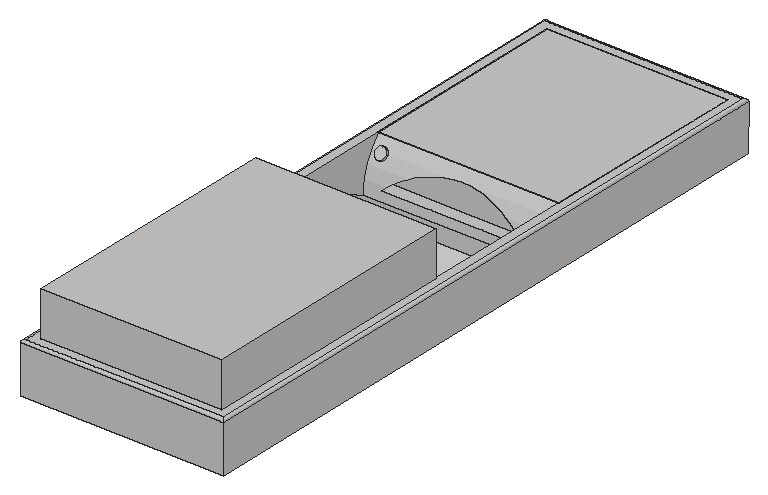
Revit family "rba-bim-B3949", category Plumbing Fixtures, host Face, Revit 2018
Family settings
  Host = Face
  Round Connector Dimension = Use Diameter
  Part Type = Normal
  OmniClass Number = 23.40.20.21
  OmniClass Title = Toilet and Bath Specialties
  Cut with Voids When Loaded = No
  Shared = Yes
  Room Calculation Point = Yes
Parameters (values of type "B-3949")
  Warranty Duration (Years) = 0
  Unit Width = 444.5 mm
  Unit Height = 1430.338 mm
  Unit Depth = 206.375 mm
  URL = "www.rba.com.au"
  Test Data = ""
  Specification = ""
  SpecWizard = ""
  Send Message = "http://www.arcat.com/users.pl?action=UserEmail&company=Bobrick+Washroom+Equipment,+Inc.&coid=30988&rep=156&fax=818-503-1930&mf="
  Sales Information = "http://www.bobrick.com/Pages/ContactUs.aspx"
  Revision = "R1_10_2012"
  Product Properties = ""
  Product Data = "http://arcat.com/arcatcos/cos30/arc30988.html?isac=1&r=1"
  Mounting Height [instance] = 1828.8 mm
  Modified Issue = "20200831.01"
  Model = "B3949"
  Materials and Finishes = Stainless Steel Satin Finish
  Manufacturer Website = "http://www.bobrick.com/Pages/default.aspx"
  Manufacturer Phone - Toll Free = ""
  Manufacturer Phone = "818-764-1000"
  Manufacturer Fax = "818-503-1930"
  Manufacturer Address = "11611 Hart St. North Hollywood, CA 91605-5882"
  Manufacturer = "Bobrick Washroom Equipment, Inc."
  Maintenance Schedule (Months) = 0
  Keynote = "102813"
  Installation-Fabrication = "http://www.bobrick.com/washroomaccessories/Pages/WashroomAccessories.aspx"
  Installation Phase = ""
  Green Building-LEED = ""
  Expected Lifespan (Years) = 0
  Drawn By = "Sumex Design, Inc. / Robert S. Weygant, CSI, CDT, SCIP"
  Description = "Surface Mounted Convertible Combination Towel and Waste Unit"
  Default Elevation = 1219.2 mm
  Copyright = "RBA Group"  # constant formula
  Construction Details = ""
  Capacity = "600 C-fold Towels  ;  800 Multifold Towels  ;  12 gal Waste"
  Building Codes = ""
  Assembly Code = "E1090900"
Reference planes
  plane 1 "Center (Front/Back)": y = -31.224
  plane 2: z = 0
  plane 3 "Center (Left/Right)": x = 0
  plane 4: y = 683.944
  plane 5: y = -746.393
  plane 6: x = -222.25
  plane 7: x = 222.25
  plane 8: z = 109.538
  plane 9: y = 158.75
  plane 10: z = 206.375
  plane 11 "FF": y = -1144.856
  plane 12 "ADA MOUNT LINE": y = 171.184
Forms (mm)
  Sweep 1, solid, material "Stainless Steel Satin Finish" <- "Materials and Finishes"
    path origin (0, 0, 0) x (1, 0, 0) y (0, 1, 0)
      loop
        line (-196.85, 658.544) -> (-196.85, -720.993) -> (196.85, -720.993) -> (196.85, 658.544) -> (-196.85, 658.544)
    profile origin (0, 658.544, 0) x (0, 1, 0) y (0, 0, 1)
      loop
        line (25.4, 0) -> (25.4, 103.188)
        arc (25.4, 103.188) -> (23.54, 107.678) -> (19.05, 109.538) r 6.35
        line (19.05, 109.538) -> (0, 109.538) -> (0, 0) -> (25.4, 0)
  Extrusion 2, solid, material "Stainless Steel Satin Finish" <- "Materials and Finishes"
    sketch origin (0, 0, 98.425) x (1, 0, 0) y (0, 1, 0)
      loop
        line (-196.85, -720.993) -> (196.85, -720.993) -> (196.85, 658.544) -> (-196.85, 658.544) -> (-196.85, -720.993)
    from -98.425 to -95.25
  Extrusion 3, void
    sketch origin (0, -31.224, 57.15) x (1, 0, 0) y (0, 0, 1)
      loop
        line (-156.369, -29.312) -> (156.369, -29.312)
        arc (156.369, -29.312) -> (0, 31.564) -> (-156.369, -29.312) r 231.265
    from -154.571 to -215.872
  Extrusion 4, solid, material "Stainless Steel Satin Finish" <- "Materials and Finishes"
    sketch origin (-300.688, -746.393, 1219.2) x (-1, 0, 0) y (0, 0, 1)
      loop
        line (-103.838, -1216.025) -> (-103.838, -1012.825) -> (-497.538, -1012.825) -> (-497.538, -1216.025) -> (-103.838, -1216.025)
      loop
        line (-107.013, -1016) -> (-494.363, -1016) -> (-494.363, -1212.85) -> (-107.013, -1212.85) -> (-107.013, -1016)
    from 25.4 to 609.6
  Extrusion 5, solid, material "Stainless Steel Satin Finish" <- "Materials and Finishes"
    sketch origin (-300.688, -746.393, 1219.2) x (-1, 0, 0) y (0, 0, 1)
      loop
        line (-107.013, -1212.85) -> (-107.013, -1016) -> (-494.363, -1016) -> (-494.363, -1212.85) -> (-107.013, -1212.85)
    from 25.4 to 31.92
  Extrusion 6, solid, material "Stainless Steel Satin Finish" <- "Materials and Finishes"
    sketch origin (0, 0, 106.363) x (1, 0, 0) y (0, 1, 0)
      loop
        line (-196.85, 658.544) -> (-196.85, 198.169) -> (196.85, 198.169) -> (196.85, 658.544) -> (-196.85, 658.544)
    from 0 to 3.175
  Extrusion 7, solid, material "Stainless Steel Satin Finish" <- "Materials and Finishes"
    sketch origin (0, -143.932, -431.093) x (1, 0, 0) y (0, 0.53422, 0.845345)
      loop
        circle (-173.619, 607.744) r 12.7
    from 2.502 to 5.282
  Extrusion 8, solid, material "Stainless Steel Satin Finish" <- "Materials and Finishes"
    sketch origin (0, 0, 0) x (0, 1, 0) y (0, 0, 1)
      loop
        arc (190.083, 3.033) -> (192.442, 24.504) -> (198.169, 45.331) r 136.032
        line (198.169, 45.331) -> (198.169, 109.538)
        arc (198.169, 109.538) -> (166.651, 62.105) -> (154.94, 6.373) r 151.013
        line (154.94, 6.373) -> (8.732, 74.551) -> (-136.793, 6.35) -> (-136.793, 3.175) -> (8.919, 71.355) -> (155.434, 3.033) -> (190.083, 3.033)
    from -196.85 to 196.85
  Extrusion 9, solid, material "Stainless Steel Satin Finish" <- "Materials and Finishes"
    sketch origin (186.319, -663.04, -243.04) x (1, 0, 0) y (0, 0.905492, 0.424363)
      loop
        circle (-186.319, 607.744) r 12.7
    from 2.502 to 5.282
Cuts and joins
  Extrusion 3 cuts Extrusion 2
  joined: Sweep 1, Extrusion 2
  joined: Extrusion 4, Extrusion 5
  Extrusion 3 cuts Extrusion 8
Dimensions and locks
  equal spacing: plane 4, plane 1 "Center (Front/Back)", plane 5
  "Unit Height": plane 4 to plane 5
  equal spacing: plane 6, plane 3 "Center (Left/Right)", plane 7
  "Unit Width": plane 6 to plane 7
  locked: Extrusion 6 sketch curve to Extrusion 6 sketch curve at 460.375
  Extrusion 4 sketch curve to Extrusion 4 sketch curve = 203.2 mm
  plane 10 to plane 8 = 96.837 mm
  "Unit Depth": plane 10 to level
  plane 8 to host face = 109.538 mm
  locked: plane 4 to plane 12 "ADA MOUNT LINE" at 512.76
  "Mounting Height": plane 4 to plane 11 "FF"
  plane 8 to level = 109.538 mm
  locked: plane 4 to Extrusion 6 sketch curve at 25.4
  aligned and locked: plane 2 to host face
  aligned and locked: level to host face
Automatic sketch dimensions
  host sketch curve to host sketch curve = 2438.4 mm  (x2)
  plane 6 to Sweep 1 sketch curve = 25.4 mm
  Sweep 1 sketch curve to plane 7 = 25.4 mm
  plane 5 to Sweep 1 sketch curve = 25.4 mm
  Sweep 1 sketch curve to plane 4 = 25.4 mm
  Sweep 1 sketch curve to level = 0 mm
  Sweep 1 sketch curve to profile plane = 0 mm
  Sweep 1 sketch curve to profile plane = 19.05 mm
  Sweep 1 sketch curve to profile plane = 25.4 mm
  level to Sweep 1 sketch curve = 103.188 mm
  plane 6 to Extrusion 2 sketch curve = 25.4 mm
  Extrusion 2 sketch curve to plane 7 = 25.4 mm
  plane 5 to Extrusion 2 sketch curve = 25.4 mm
  Extrusion 2 sketch curve to plane 4 = 25.4 mm
  Extrusion 3 sketch curve to plane 3 "Center (Left/Right)" = 0 mm
  level to Extrusion 3 sketch curve = 27.838 mm
  plane 6 to Extrusion 3 sketch curve = 65.881 mm
  Extrusion 3 sketch curve to level = 142.551 mm
  Extrusion 4 sketch curve to plane 10 = 0 mm
  Extrusion 4 sketch curve to plane 7 = 25.4 mm
  Extrusion 4 sketch curve to Extrusion 4 sketch curve = 3.175 mm  (x2)
  level to Extrusion 4 sketch curve = 6.35 mm
  plane 6 to Extrusion 4 sketch curve = 28.575 mm
  Extrusion 4 sketch curve to plane 10 = 3.175 mm
  level to Extrusion 5 sketch curve = 6.35 mm
  Extrusion 5 sketch curve to plane 7 = 28.575 mm
  Extrusion 5 sketch curve to plane 10 = 3.175 mm
  plane 6 to Extrusion 5 sketch curve = 28.575 mm
  plane 6 to Extrusion 6 sketch curve = 25.4 mm
  Extrusion 6 sketch curve to plane 7 = 25.4 mm
  plane 6 to Extrusion 7 sketch curve = 48.631 mm
  Extrusion 8 sketch curve to plane 8 = 0 mm
  level to Extrusion 8 sketch curve = 6.35 mm
  plane 1 "Center (Front/Back)" to Extrusion 8 sketch curve = 105.569 mm
  Extrusion 8 sketch curve to plane 1 "Center (Front/Back)" = 39.957 mm
  Extrusion 8 sketch curve to Extrusion 8 sketch curve = 0.186 mm
  level to Extrusion 8 sketch curve = 6.373 mm
  Extrusion 8 sketch curve to plane 12 "ADA MOUNT LINE" = 16.244 mm
  Extrusion 8 sketch curve to Extrusion 8 sketch curve = 0.494 mm
  level to Extrusion 8 sketch curve = 3.033 mm
  plane 12 "ADA MOUNT LINE" to Extrusion 8 sketch curve = 18.898 mm
  plane 12 "ADA MOUNT LINE" to Extrusion 8 sketch curve = 26.985 mm
  level to Extrusion 8 sketch curve = 3.743 mm
  Extrusion 8 sketch curve to level = 1.041 mm
  Extrusion 8 sketch curve to Extrusion 8 sketch curve = 20.123 mm
  level to Extrusion 8 sketch curve = 3.175 mm
  Extrusion 8 sketch curve to plane 8 = 38.183 mm
  Extrusion 8 sketch curve to Extrusion 8 sketch curve = 3.196 mm
  plane 6 to Extrusion 9 sketch curve = 222.25 mm
  radius of Extrusion 7 sketch curve = 12.7 mm
  radius of Extrusion 9 sketch curve = 12.7 mm
